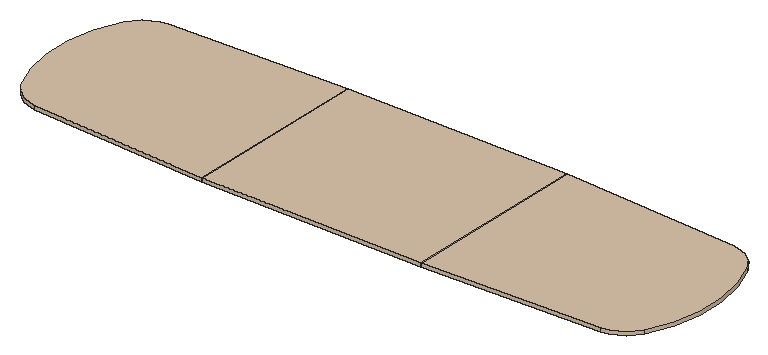
Revit family "Haworth_Planes_ColumnBaseConferenceTable_PebbleThreePiece_TopOnly", category Furniture Systems, Revit 2018 (continued)
Definition of nested family "Haworth_Planes_Worksurface_Pebble_3Piece_PART"
  Definition of nested family "Haworth_Planes_Worksurface_Pebble60_3Pieces_Part"
    Forms (in)
      Extrusion 19, solid, material <- "Table Finish", visible <- "204w"
        sketch origin (-730.56386, -275.02564, 0) x (1, 0, 0) y (0, 1, 0)
          loop
            line (696.72386, 319.86352) -> (696.72386, 260.18775) -> (764.40386, 260.18775) -> (764.40386, 319.86352) -> (696.72386, 319.86352)
        from 27.8125 to 29
      Extrusion 20, solid, material <- "Table Finish", visible <- "210w"
        sketch origin (-729.89554, -340.48352, 0) x (1, 0, 0) y (0, 1, 0)
          loop
            line (695.05554, 385.32156) -> (695.05554, 325.64548) -> (764.73554, 325.64548) -> (764.73554, 385.32156) -> (695.05554, 385.32156)
        from 27.8125 to 29
      Extrusion 21, solid, material <- "Table Finish", visible <- "216w"
        sketch origin (-727.89058, -405.94544, 0) x (1, 0, 0) y (0, 1, 0)
          loop
            line (692.05058, 450.78362) -> (692.05058, 391.10727) -> (763.73058, 391.10727) -> (763.73058, 450.78362) -> (692.05058, 450.78362)
        from 27.8125 to 29
      Extrusion 22, solid, material <- "Table Finish", visible <- "222w"
        sketch origin (-727.25581, -470.81755, 0) x (1, 0, 0) y (0, 1, 0)
          loop
            line (690.41581, 515.65584) -> (690.41581, 455.97925) -> (764.09581, 455.97925) -> (764.09581, 515.65584) -> (690.41581, 515.65584)
        from 27.8125 to 29
      Extrusion 23, solid, material <- "Table Finish", visible <- "228w"
        sketch origin (-725.92256, -535.60903, 0) x (1, 0, 0) y (0, 1, 0)
          loop
            line (688.08256, 580.44744) -> (688.08256, 520.77062) -> (763.76256, 520.77062) -> (763.76256, 580.44744) -> (688.08256, 580.44744)
        from 27.8125 to 29
      Extrusion 24, solid, material <- "Table Finish", visible <- "240w"
        sketch origin (-724.87283, -663.92772, 0) x (1, 0, 0) y (0, 1, 0)
          loop
            line (685.03283, 708.76632) -> (685.03283, 649.08912) -> (764.71283, 649.08912) -> (764.71283, 708.76632) -> (685.03283, 708.76632)
        from 27.8125 to 29
      Extrusion 25, solid, material <- "Table Finish", visible <- "246w"
        sketch origin (-724.87283, -726.76777, 0) x (1, 0, 0) y (0, 1, 0)
          loop
            line (684.03283, 771.60645) -> (684.03283, 711.92909) -> (765.71283, 711.92909) -> (765.71283, 771.60645) -> (684.03283, 771.60645)
        from 27.8125 to 29
      Extrusion 26, solid, material <- "Table Finish", visible <- "252w"
        sketch origin (-724.20394, -789.61244, 0) x (1, 0, 0) y (0, 1, 0)
          loop
            line (682.36394, 834.4512) -> (682.36394, 774.77369) -> (766.04394, 774.77369) -> (766.04394, 834.4512) -> (682.36394, 834.4512)
        from 27.8125 to 29
      Extrusion 27, solid, material <- "Table Finish", visible <- "258w"
        sketch origin (-724.20394, -852.45398, 0) x (1, 0, 0) y (0, 1, 0)
          loop
            line (681.36394, 897.2928) -> (681.36394, 837.61515) -> (767.04394, 837.61515) -> (767.04394, 897.2928) -> (681.36394, 897.2928)
        from 27.8125 to 29
      Extrusion 28, solid, material <- "Table Finish", visible <- "264w"
        sketch origin (-724.87196, -915.34799, 0) x (1, 0, 0) y (0, 1, 0)
          loop
            line (681.03196, 960.18688) -> (681.03196, 900.5091) -> (768.71196, 900.5091) -> (768.71196, 960.18688) -> (681.03196, 960.18688)
        from 27.8125 to 29
      Extrusion 29, solid, material <- "Table Finish", visible <- "270w"
        sketch origin (-724.20685, -978.94741, 0) x (1, 0, 0) y (0, 1, 0)
          loop
            line (679.36685, 1023.78636) -> (679.36685, 964.10847) -> (769.04685, 964.10847) -> (769.04685, 1023.78636) -> (679.36685, 1023.78636)
        from 27.8125 to 29
      Extrusion 30, solid, material <- "Table Finish", visible <- "234w"
        sketch origin (-724.70902, -598.95998, 0) x (1, 0, 0) y (0, 1, 0)
          loop
            line (685.86902, 643.79849) -> (685.86902, 584.12148) -> (763.54902, 584.12148) -> (763.54902, 643.79849) -> (685.86902, 643.79849)
        from 27.8125 to 29
    Lines and regions (in)
      Masking region 1, visible <- "186w"
        outline origin (-730.5556, -86.63524, 0) x (1, 0, 0) y (0, 1, 0)
          loop
            arc (652.76351, 74.29524) -> (675.45521, 72.42087) -> (698.2156, 71.79524) r 414.53084
            line (698.2156, 71.79524) -> (762.8956, 71.79524)
            arc (762.8956, 71.79524) -> (785.65598, 72.42087) -> (808.34768, 74.29524) r 414.53084
            arc (808.34768, 74.29524) -> (813.9231, 76.26118) -> (817.88323, 80.65067) r 12
            arc (817.88323, 80.65067) -> (823.0756, 101.63524) -> (817.88323, 122.61981) r 45
            arc (817.88323, 122.61981) -> (813.9231, 127.0093) -> (808.34768, 128.97524) r 12
            arc (808.34768, 128.97524) -> (785.65598, 130.84961) -> (762.8956, 131.47524) r 414.53084
            line (762.8956, 131.47524) -> (698.2156, 131.47524)
            arc (698.2156, 131.47524) -> (675.45521, 130.84961) -> (652.76351, 128.97524) r 414.53084
            arc (652.76351, 128.97524) -> (647.18809, 127.0093) -> (643.22796, 122.61981) r 12
            arc (643.22796, 122.61981) -> (638.0356, 101.63524) -> (643.22796, 80.65067) r 45
            arc (643.22796, 80.65067) -> (647.18809, 76.26118) -> (652.76351, 74.29524) r 12
      Masking region 2, visible <- "192w"
        outline origin (-729.89022, -148.78543, 0) x (1, 0, 0) y (0, 1, 0)
          loop
            arc (639.56259, 184.77) -> (634.37022, 163.78543) -> (639.56259, 142.80086) r 45
            arc (639.56259, 142.80086) -> (643.52271, 138.41137) -> (649.09813, 136.44543) r 12
            arc (649.09813, 136.44543) -> (672.79128, 134.57098) -> (696.55022, 133.94543) r 451.67365
            line (696.55022, 133.94543) -> (763.23022, 133.94543)
            arc (763.23022, 133.94543) -> (786.98916, 134.57098) -> (810.68231, 136.44543) r 451.67365
            arc (810.68231, 136.44543) -> (816.25773, 138.41137) -> (820.21786, 142.80086) r 12
            arc (820.21786, 142.80086) -> (825.41022, 163.78543) -> (820.21786, 184.77) r 45
            arc (820.21786, 184.77) -> (816.25773, 189.15949) -> (810.68231, 191.12543) r 12
            arc (810.68231, 191.12543) -> (786.98916, 192.99988) -> (763.23022, 193.62543) r 451.67365
            line (763.23022, 193.62543) -> (696.55022, 193.62543)
            arc (696.55022, 193.62543) -> (672.79128, 192.99988) -> (649.09813, 191.12543) r 451.67365
            arc (649.09813, 191.12543) -> (643.52271, 189.15949) -> (639.56259, 184.77) r 12
      Masking region 3, visible <- "198w"
        outline origin (-731.23218, -211.57156, 0) x (1, 0, 0) y (0, 1, 0)
          loop
            arc (637.90454, 247.55613) -> (632.71218, 226.57156) -> (637.90454, 205.587) r 45
            arc (637.90454, 205.587) -> (641.86467, 201.1975) -> (647.44009, 199.23156) r 12
            arc (647.44009, 199.23156) -> (672.13618, 197.35696) -> (696.89541, 196.73156) r 490.41566
            line (696.89541, 196.73156) -> (765.56895, 196.73156)
            arc (765.56895, 196.73156) -> (790.32818, 197.35696) -> (815.02427, 199.23156) r 490.41566
            arc (815.02427, 199.23156) -> (820.59969, 201.1975) -> (824.55982, 205.587) r 12
            arc (824.55982, 205.587) -> (829.75218, 226.57156) -> (824.55982, 247.55613) r 45
            arc (824.55982, 247.55613) -> (820.59969, 251.94562) -> (815.02427, 253.91156) r 12
            arc (815.02427, 253.91156) -> (790.32818, 255.78616) -> (765.56895, 256.41156) r 490.41566
            line (765.56895, 256.41156) -> (696.89541, 256.41156)
            arc (696.89541, 256.41156) -> (672.13618, 255.78616) -> (647.44009, 253.91156) r 490.41566
            arc (647.44009, 253.91156) -> (641.86467, 251.94562) -> (637.90454, 247.55613) r 12
      Masking region 4, visible <- "204w"
        outline origin (-730.56386, -275.02564, 0) x (1, 0, 0) y (0, 1, 0)
          loop
            arc (634.23622, 311.0102) -> (629.04386, 290.02564) -> (634.23622, 269.04107) r 45
            arc (634.23622, 269.04107) -> (638.19635, 264.65158) -> (643.77177, 262.68564) r 12
            arc (643.77177, 262.68564) -> (669.46852, 260.811) -> (695.22597, 260.18564) r 530.75685
            line (695.22597, 260.18564) -> (765.90175, 260.18564)
            arc (765.90175, 260.18564) -> (791.6592, 260.811) -> (817.35595, 262.68564) r 530.75685
            arc (817.35595, 262.68564) -> (822.93137, 264.65158) -> (826.8915, 269.04107) r 12
            arc (826.8915, 269.04107) -> (832.08386, 290.02564) -> (826.8915, 311.0102) r 45
            arc (826.8915, 311.0102) -> (822.93137, 315.3997) -> (817.35595, 317.36564) r 12
            arc (817.35595, 317.36564) -> (791.6592, 319.24027) -> (765.90175, 319.86564) r 530.75685
            line (765.90175, 319.86564) -> (695.22597, 319.86564)
            arc (695.22597, 319.86564) -> (669.46852, 319.24027) -> (643.77177, 317.36564) r 530.75685
            arc (643.77177, 317.36564) -> (638.19635, 315.3997) -> (634.23622, 311.0102) r 12
      Masking region 5, visible <- "210w"
        outline origin (-729.89554, -340.48352, 0) x (1, 0, 0) y (0, 1, 0)
          loop
            arc (630.5679, 376.46809) -> (625.37554, 355.48352) -> (630.5679, 334.49895) r 45
            arc (630.5679, 334.49895) -> (634.52803, 330.10946) -> (640.10345, 328.14352) r 12
            arc (640.10345, 328.14352) -> (666.8008, 326.26886) -> (693.55657, 325.64352) r 572.69723
            line (693.55657, 325.64352) -> (766.23451, 325.64352)
            arc (766.23451, 325.64352) -> (792.99028, 326.26886) -> (819.68763, 328.14352) r 572.69723
            arc (819.68763, 328.14352) -> (825.26305, 330.10946) -> (829.22318, 334.49895) r 12
            arc (829.22318, 334.49895) -> (834.41554, 355.48352) -> (829.22318, 376.46809) r 45
            arc (829.22318, 376.46809) -> (825.26305, 380.85758) -> (819.68763, 382.82352) r 12
            arc (819.68763, 382.82352) -> (792.99028, 384.69818) -> (766.23451, 385.32352) r 572.69723
            line (766.23451, 385.32352) -> (693.55657, 385.32352)
            arc (693.55657, 385.32352) -> (666.8008, 384.69818) -> (640.10345, 382.82352) r 572.69723
            arc (640.10345, 382.82352) -> (634.52803, 380.85758) -> (630.5679, 376.46809) r 12
      Masking region 6, visible <- "216w"
        outline origin (-727.89058, -405.94544, 0) x (1, 0, 0) y (0, 1, 0)
          loop
            arc (625.56294, 441.93001) -> (620.37058, 420.94544) -> (625.56294, 399.96088) r 45
            arc (625.56294, 399.96088) -> (629.52307, 395.57138) -> (635.09849, 393.60544) r 12
            arc (635.09849, 393.60544) -> (662.79637, 391.73076) -> (690.55058, 391.10544) r 616.2368
            line (690.55058, 391.10544) -> (765.23058, 391.10544)
            arc (765.23058, 391.10544) -> (792.98479, 391.73076) -> (820.68267, 393.60544) r 616.2368
            arc (820.68267, 393.60544) -> (826.25809, 395.57138) -> (830.21822, 399.96088) r 12
            arc (830.21822, 399.96088) -> (835.41058, 420.94544) -> (830.21822, 441.93001) r 45
            arc (830.21822, 441.93001) -> (826.25809, 446.3195) -> (820.68267, 448.28544) r 12
            arc (820.68267, 448.28544) -> (792.98479, 450.16013) -> (765.23058, 450.78544) r 616.2368
            line (765.23058, 450.78544) -> (690.55058, 450.78544)
            arc (690.55058, 450.78544) -> (662.79637, 450.16013) -> (635.09849, 448.28544) r 616.2368
            arc (635.09849, 448.28544) -> (629.52307, 446.3195) -> (625.56294, 441.93001) r 12
      Masking region 7, visible <- "222w"
        outline origin (-727.25581, -470.81755, 0) x (1, 0, 0) y (0, 1, 0)
          loop
            arc (621.92817, 506.80212) -> (616.73581, 485.81755) -> (621.92817, 464.83298) r 45
            arc (621.92817, 464.83298) -> (625.8883, 460.44349) -> (631.46372, 458.47755) r 12
            arc (631.46372, 458.47755) -> (660.16208, 456.60284) -> (688.91481, 455.97755) r 661.37555
            line (688.91481, 455.97755) -> (765.5968, 455.97755)
            arc (765.5968, 455.97755) -> (794.34953, 456.60284) -> (823.0479, 458.47755) r 661.37555
            arc (823.0479, 458.47755) -> (828.62332, 460.44349) -> (832.58344, 464.83298) r 12
            arc (832.58344, 464.83298) -> (837.77581, 485.81755) -> (832.58344, 506.80212) r 45
            arc (832.58344, 506.80212) -> (828.62332, 511.19161) -> (823.0479, 513.15755) r 12
            arc (823.0479, 513.15755) -> (794.34953, 515.03225) -> (765.5968, 515.65755) r 661.37555
            line (765.5968, 515.65755) -> (688.91481, 515.65755)
            arc (688.91481, 515.65755) -> (660.16208, 515.03225) -> (631.46372, 513.15755) r 661.37555
            arc (631.46372, 513.15755) -> (625.8883, 511.19161) -> (621.92817, 506.80212) r 12
      Masking region 8, visible <- "228w"
        outline origin (-725.92256, -535.60903, 0) x (1, 0, 0) y (0, 1, 0)
          loop
            arc (617.59492, 571.5936) -> (612.40256, 550.60903) -> (617.59492, 529.62446) r 45
            arc (617.59492, 529.62446) -> (621.55505, 525.23497) -> (627.13047, 523.26903) r 12
            arc (627.13047, 523.26903) -> (656.82926, 521.3943) -> (686.5806, 520.76903) r 708.1135
            line (686.5806, 520.76903) -> (765.26452, 520.76903)
            arc (765.26452, 520.76903) -> (795.01585, 521.3943) -> (824.71464, 523.26903) r 708.1135
            arc (824.71464, 523.26903) -> (830.29007, 525.23497) -> (834.25019, 529.62446) r 12
            arc (834.25019, 529.62446) -> (839.44256, 550.60903) -> (834.25019, 571.5936) r 45
            arc (834.25019, 571.5936) -> (830.29007, 575.98309) -> (824.71464, 577.94903) r 12
            arc (824.71464, 577.94903) -> (795.01585, 579.82375) -> (765.26452, 580.44903) r 708.1135
            line (765.26452, 580.44903) -> (686.5806, 580.44903)
            arc (686.5806, 580.44903) -> (656.82926, 579.82375) -> (627.13047, 577.94903) r 708.1135
            arc (627.13047, 577.94903) -> (621.55505, 575.98309) -> (617.59492, 571.5936) r 12
      Masking region 9, visible <- "234w"
        outline origin (-724.70902, -598.95998, 0) x (1, 0, 0) y (0, 1, 0)
          loop
            arc (613.38139, 634.94455) -> (608.18902, 613.95998) -> (613.38139, 592.97542) r 45
            arc (613.38139, 592.97542) -> (617.34151, 588.58592) -> (622.91694, 586.61998) r 12
            arc (622.91694, 586.61998) -> (653.61612, 584.74524) -> (684.36613, 584.11998) r 756.45063
            line (684.36613, 584.11998) -> (765.05192, 584.11998)
            arc (765.05192, 584.11998) -> (795.80193, 584.74524) -> (826.50111, 586.61998) r 756.45063
            arc (826.50111, 586.61998) -> (832.07653, 588.58592) -> (836.03666, 592.97542) r 12
            arc (836.03666, 592.97542) -> (841.22902, 613.95998) -> (836.03666, 634.94455) r 45
            arc (836.03666, 634.94455) -> (832.07653, 639.33404) -> (826.50111, 641.29998) r 12
            arc (826.50111, 641.29998) -> (795.80193, 643.17472) -> (765.05192, 643.79998) r 756.45063
            line (765.05192, 643.79998) -> (684.36613, 643.79998)
            arc (684.36613, 643.79998) -> (653.61612, 643.17472) -> (622.91694, 641.29998) r 756.45063
            arc (622.91694, 641.29998) -> (617.34151, 639.33404) -> (613.38139, 634.94455) r 12
      Masking region 10, visible <- "240w"
        outline origin (-724.87283, -663.92772, 0) x (1, 0, 0) y (0, 1, 0)
          loop
            arc (610.54519, 699.91229) -> (605.35283, 678.92772) -> (610.54519, 657.94315) r 45
            arc (610.54519, 657.94315) -> (614.50532, 653.55366) -> (620.08074, 651.58772) r 12
            arc (620.08074, 651.58772) -> (651.78027, 649.71296) -> (683.52903, 649.08772) r 806.38695
            line (683.52903, 649.08772) -> (766.21663, 649.08772)
            arc (766.21663, 649.08772) -> (797.96539, 649.71296) -> (829.66492, 651.58772) r 806.38695
            arc (829.66492, 651.58772) -> (835.24034, 653.55366) -> (839.20047, 657.94315) r 12
            arc (839.20047, 657.94315) -> (844.39283, 678.92772) -> (839.20047, 699.91229) r 45
            arc (839.20047, 699.91229) -> (835.24034, 704.30178) -> (829.66492, 706.26772) r 12
            arc (829.66492, 706.26772) -> (797.96539, 708.14248) -> (766.21663, 708.76772) r 806.38695
            line (766.21663, 708.76772) -> (683.52903, 708.76772)
            arc (683.52903, 708.76772) -> (651.78027, 708.14248) -> (620.08074, 706.26772) r 806.38695
            arc (620.08074, 706.26772) -> (614.50532, 704.30178) -> (610.54519, 699.91229) r 12
      Masking region 11, visible <- "246w"
        outline origin (-724.87283, -726.76777, 0) x (1, 0, 0) y (0, 1, 0)
          loop
            arc (607.54519, 762.75234) -> (602.35283, 741.76777) -> (607.54519, 720.7832) r 45
            arc (607.54519, 720.7832) -> (611.50532, 716.39371) -> (617.08074, 714.42777) r 12
            arc (617.08074, 714.42777) -> (649.78292, 712.55291) -> (682.53283, 711.92777) r 857.92246
            line (682.53283, 711.92777) -> (767.21283, 711.92777)
            arc (767.21283, 711.92777) -> (799.96274, 712.55291) -> (832.66492, 714.42777) r 857.92246
            arc (832.66492, 714.42777) -> (838.24034, 716.39371) -> (842.20047, 720.7832) r 12
            arc (842.20047, 720.7832) -> (847.39283, 741.76777) -> (842.20047, 762.75234) r 45
            arc (842.20047, 762.75234) -> (838.24034, 767.14183) -> (832.66492, 769.10777) r 12
            arc (832.66492, 769.10777) -> (799.96274, 770.98263) -> (767.21283, 771.60777) r 857.92246
            line (767.21283, 771.60777) -> (682.53283, 771.60777)
            arc (682.53283, 771.60777) -> (649.78292, 770.98263) -> (617.08074, 769.10777) r 857.92246
            arc (617.08074, 769.10777) -> (611.50532, 767.14183) -> (607.54519, 762.75234) r 12
      Masking region 12, visible <- "252w"
        outline origin (-724.20394, -789.61244, 0) x (1, 0, 0) y (0, 1, 0)
          loop
            arc (603.8763, 825.59701) -> (598.68394, 804.61244) -> (603.8763, 783.62787) r 45
            arc (603.8763, 783.62787) -> (607.83643, 779.23838) -> (613.41185, 777.27244) r 12
            arc (613.41185, 777.27244) -> (647.11473, 775.39755) -> (680.86394, 774.77244) r 911.05716
            line (680.86394, 774.77244) -> (767.54394, 774.77244)
            arc (767.54394, 774.77244) -> (801.29314, 775.39755) -> (834.99602, 777.27244) r 911.05716
            arc (834.99602, 777.27244) -> (840.57145, 779.23838) -> (844.53157, 783.62787) r 12
            arc (844.53157, 783.62787) -> (849.72394, 804.61244) -> (844.53157, 825.59701) r 45
            arc (844.53157, 825.59701) -> (840.57145, 829.9865) -> (834.99602, 831.95244) r 12
            arc (834.99602, 831.95244) -> (801.29314, 833.82733) -> (767.54394, 834.45244) r 911.05716
            line (767.54394, 834.45244) -> (680.86394, 834.45244)
            arc (680.86394, 834.45244) -> (647.11473, 833.82733) -> (613.41185, 831.95244) r 911.05716
            arc (613.41185, 831.95244) -> (607.83643, 829.9865) -> (603.8763, 825.59701) r 12
      Masking region 13, visible <- "258w"
        outline origin (-724.20394, -852.45398, 0) x (1, 0, 0) y (0, 1, 0)
          loop
            arc (600.8763, 888.43854) -> (595.68394, 867.45398) -> (600.8763, 846.46941) r 45
            arc (600.8763, 846.46941) -> (604.83643, 842.07992) -> (610.41185, 840.11398) r 12
            arc (610.41185, 840.11398) -> (645.1154, 838.23906) -> (679.86394, 837.61398) r 965.79104
            line (679.86394, 837.61398) -> (768.54394, 837.61398)
            arc (768.54394, 837.61398) -> (803.29247, 838.23906) -> (837.99602, 840.11398) r 965.79104
            arc (837.99602, 840.11398) -> (843.57145, 842.07992) -> (847.53157, 846.46941) r 12
            arc (847.53157, 846.46941) -> (852.72394, 867.45398) -> (847.53157, 888.43854) r 45
            arc (847.53157, 888.43854) -> (843.57145, 892.82803) -> (837.99602, 894.79398) r 12
            arc (837.99602, 894.79398) -> (803.29247, 896.66889) -> (768.54394, 897.29398) r 965.79104
            line (768.54394, 897.29398) -> (679.86394, 897.29398)
            arc (679.86394, 897.29398) -> (645.1154, 896.66889) -> (610.41185, 894.79398) r 965.79104
            arc (610.41185, 894.79398) -> (604.83643, 892.82803) -> (600.8763, 888.43854) r 12
      Masking region 14, visible <- "264w"
        outline origin (-724.87196, -915.34799, 0) x (1, 0, 0) y (0, 1, 0)
          loop
            arc (598.54432, 951.33256) -> (593.35196, 930.34799) -> (598.54432, 909.36343) r 45
            arc (598.54432, 909.36343) -> (602.50445, 904.97393) -> (608.07987, 903.00799) r 12
            arc (608.07987, 903.00799) -> (643.78405, 901.13306) -> (679.53196, 900.50799) r 1022.12412
            line (679.53196, 900.50799) -> (770.21196, 900.50799)
            arc (770.21196, 900.50799) -> (805.95987, 901.13306) -> (841.66405, 903.00799) r 1022.12412
            arc (841.66405, 903.00799) -> (847.23947, 904.97393) -> (851.1996, 909.36343) r 12
            arc (851.1996, 909.36343) -> (856.39196, 930.34799) -> (851.1996, 951.33256) r 45
            arc (851.1996, 951.33256) -> (847.23947, 955.72205) -> (841.66405, 957.68799) r 12
            arc (841.66405, 957.68799) -> (805.95987, 959.56293) -> (770.21196, 960.18799) r 1022.12412
            line (770.21196, 960.18799) -> (679.53196, 960.18799)
            arc (679.53196, 960.18799) -> (643.78405, 959.56293) -> (608.07987, 957.68799) r 1022.12412
            arc (608.07987, 957.68799) -> (602.50445, 955.72205) -> (598.54432, 951.33256) r 12
      Masking region 15, visible <- "270w"
        outline origin (-724.20685, -978.94741, 0) x (1, 0, 0) y (0, 1, 0)
          loop
            arc (594.87922, 1014.93198) -> (589.68685, 993.94741) -> (594.87922, 972.96285) r 45
            arc (594.87922, 972.96285) -> (598.83935, 968.57336) -> (604.41477, 966.60741) r 12
            arc (604.41477, 966.60741) -> (641.11954, 964.73246) -> (677.86685, 964.10741) r 1080.05638
            line (677.86685, 964.10741) -> (770.54685, 964.10741)
            arc (770.54685, 964.10741) -> (807.29417, 964.73246) -> (843.99894, 966.60741) r 1080.05638
            arc (843.99894, 966.60741) -> (849.57436, 968.57336) -> (853.53449, 972.96285) r 12
            arc (853.53449, 972.96285) -> (858.72685, 993.94741) -> (853.53449, 1014.93198) r 45
            arc (853.53449, 1014.93198) -> (849.57436, 1019.32147) -> (843.99894, 1021.28741) r 12
            arc (843.99894, 1021.28741) -> (807.29417, 1023.16237) -> (770.54685, 1023.78741) r 1080.05638
            line (770.54685, 1023.78741) -> (677.86685, 1023.78741)
            arc (677.86685, 1023.78741) -> (641.11954, 1023.16237) -> (604.41477, 1021.28741) r 1080.05638
            arc (604.41477, 1021.28741) -> (598.83935, 1019.32147) -> (594.87922, 1014.93198) r 12
      symbolic lines, visible <- "186w", detail levels medium+fine
        curve 1: line (-30.84, 44.83731, 0) -> (-30.84, -14.83731, 0)
        curve 2: line (30.84, -14.83731, 0) -> (30.84, 44.83731, 0)
      symbolic lines, visible <- "192w", detail levels medium+fine
        curve 3: line (31.84, -14.83752, 0) -> (31.84, 44.83752, 0)
        curve 4: line (-31.84, 44.83752, 0) -> (-31.84, -14.83752, 0)
      symbolic lines, visible <- "198w", detail levels medium+fine
        curve 5: line (-32.84, 44.83772, 0) -> (-32.84, -14.83772, 0)
        curve 6: line (32.84, -14.83772, 0) -> (32.84, 44.83772, 0)
      symbolic lines, visible <- "204w", detail levels medium+fine
        curve 7: line (33.84, -14.83789, 0) -> (33.84, 44.83789, 0)
        curve 8: line (-33.84, 44.83789, 0) -> (-33.84, -14.83789, 0)
      symbolic lines, visible <- "210w", detail levels medium+fine
        curve 9: line (-34.84, 44.83804, 0) -> (-34.84, -14.83804, 0)
        curve 10: line (34.84, -14.83804, 0) -> (34.84, 44.83804, 0)
      symbolic lines, visible <- "216w", detail levels medium+fine
        curve 11: line (35.84, -14.83817, 0) -> (35.84, 44.83817, 0)
        curve 12: line (-35.84, 44.83817, 0) -> (-35.84, -14.83817, 0)
      symbolic lines, visible <- "222w", detail levels medium+fine
        curve 13: line (-36.84, 44.8383, 0) -> (-36.84, -14.8383, 0)
        curve 14: line (36.84, -14.8383, 0) -> (36.84, 44.8383, 0)
      symbolic lines, visible <- "228w", detail levels medium+fine
        curve 15: line (37.84, -14.83841, 0) -> (37.84, 44.83841, 0)
        curve 16: line (-37.84, 44.83841, 0) -> (-37.84, -14.83841, 0)
      symbolic lines, visible <- "234w", detail levels medium+fine
        curve 17: line (-38.84, 44.83851, 0) -> (-38.84, -14.83851, 0)
        curve 18: line (38.84, -14.83851, 0) -> (38.84, 44.83851, 0)
      symbolic lines, visible <- "240w", detail levels medium+fine
        curve 19: line (39.84, -14.8386, 0) -> (39.84, 44.8386, 0)
        curve 20: line (-39.84, 44.8386, 0) -> (-39.84, -14.8386, 0)
      symbolic lines, visible <- "246w", detail levels medium+fine
        curve 21: line (-40.84, 44.83868, 0) -> (-40.84, -14.83868, 0)
        curve 22: line (40.84, -14.83868, 0) -> (40.84, 44.83868, 0)
      symbolic lines, visible <- "252w", detail levels medium+fine
        curve 23: line (41.84, -14.83876, 0) -> (41.84, 44.83876, 0)
        curve 24: line (-41.84, 44.83876, 0) -> (-41.84, -14.83876, 0)
      symbolic lines, visible <- "258w", detail levels medium+fine
        curve 25: line (-42.84, 44.83883, 0) -> (-42.84, -14.83883, 0)
        curve 26: line (42.84, -14.83883, 0) -> (42.84, 44.83883, 0)
      symbolic lines, visible <- "264w", detail levels medium+fine
        curve 27: line (43.84, -14.83889, 0) -> (43.84, 44.83889, 0)
        curve 28: line (-43.84, 44.83889, 0) -> (-43.84, -14.83889, 0)
      symbolic lines, visible <- "270w", detail levels medium+fine
        curve 29: line (-44.84, 44.83895, 0) -> (-44.84, -14.83895, 0)
        curve 30: line (44.84, -14.83895, 0) -> (44.84, 44.83895, 0)
    Dimensions and locks (in)
      "Thickness": plane 4 "Table Top" to plane 5 "Table Bottom"
      "Actual Height": plane 4 "Table Top" to level
      "Cutout Dimension": plane 6 "Cutout Top" to plane 7 "Cutout Bottom"
      plane 6 "Cutout Top" to plane 4 "Table Top" = 1"
      locked: plane 4 "Table Top" to plane 8 "KnifeEdge Middle" at 0.375
      aligned and locked: plane 4 "Table Top" to Extrusion 15
      aligned and locked: plane 4 "Table Top" to Extrusion 14
      aligned and locked: plane 4 "Table Top" to Extrusion 13
      aligned and locked: plane 4 "Table Top" to Extrusion 12
      aligned and locked: plane 4 "Table Top" to Extrusion 11
      aligned and locked: plane 4 "Table Top" to Extrusion 10
      aligned and locked: plane 4 "Table Top" to Extrusion 9
      aligned and locked: plane 4 "Table Top" to Extrusion 8
      aligned and locked: plane 4 "Table Top" to Extrusion 7
      aligned and locked: plane 4 "Table Top" to Extrusion 6
      aligned and locked: plane 4 "Table Top" to Extrusion 5
      aligned and locked: plane 4 "Table Top" to Extrusion 4
      aligned and locked: plane 4 "Table Top" to Extrusion 3
      aligned and locked: plane 4 "Table Top" to Extrusion 2
      aligned and locked: plane 4 "Table Top" to Extrusion 1
      aligned and locked: plane 4 "Table Top" to Extrusion 29
      aligned and locked: plane 4 "Table Top" to Extrusion 28
      aligned and locked: plane 4 "Table Top" to Extrusion 27
      aligned and locked: plane 4 "Table Top" to Extrusion 26
      aligned and locked: plane 4 "Table Top" to Extrusion 25
      aligned and locked: plane 4 "Table Top" to Extrusion 24
      aligned and locked: plane 4 "Table Top" to Extrusion 30
      aligned and locked: plane 4 "Table Top" to Extrusion 23
      aligned and locked: plane 4 "Table Top" to Extrusion 22
      aligned and locked: plane 4 "Table Top" to Extrusion 21
      aligned and locked: plane 4 "Table Top" to Extrusion 20
      aligned and locked: plane 4 "Table Top" to Extrusion 19
      aligned and locked: plane 4 "Table Top" to Extrusion 18
      aligned and locked: plane 4 "Table Top" to Extrusion 17
      aligned and locked: plane 4 "Table Top" to Extrusion 16
      aligned and locked: Extrusion 15 to plane 5 "Table Bottom"
      aligned and locked: Extrusion 14 to plane 5 "Table Bottom"
      aligned and locked: Extrusion 13 to plane 5 "Table Bottom"
      aligned and locked: Extrusion 12 to plane 5 "Table Bottom"
      aligned and locked: Extrusion 11 to plane 5 "Table Bottom"
      aligned and locked: Extrusion 10 to plane 5 "Table Bottom"
      aligned and locked: Extrusion 9 to plane 5 "Table Bottom"
      aligned and locked: Extrusion 8 to plane 5 "Table Bottom"
      aligned and locked: Extrusion 7 to plane 5 "Table Bottom"
      aligned and locked: Extrusion 6 to plane 5 "Table Bottom"
      aligned and locked: Extrusion 5 to plane 5 "Table Bottom"
      aligned and locked: Extrusion 4 to plane 5 "Table Bottom"
      aligned and locked: Extrusion 3 to plane 5 "Table Bottom"
      aligned and locked: Extrusion 2 to plane 5 "Table Bottom"
      aligned and locked: Extrusion 1 to plane 5 "Table Bottom"
      aligned and locked: Extrusion 29 to plane 5 "Table Bottom"
      aligned and locked: Extrusion 28 to plane 5 "Table Bottom"
      aligned and locked: Extrusion 27 to plane 5 "Table Bottom"
      aligned and locked: Extrusion 26 to plane 5 "Table Bottom"
      aligned and locked: Extrusion 25 to plane 5 "Table Bottom"
      aligned and locked: Extrusion 24 to plane 5 "Table Bottom"
      aligned and locked: Extrusion 30 to plane 5 "Table Bottom"
      aligned and locked: Extrusion 23 to plane 5 "Table Bottom"
      aligned and locked: Extrusion 22 to plane 5 "Table Bottom"
      aligned and locked: Extrusion 21 to plane 5 "Table Bottom"
      aligned and locked: Extrusion 20 to plane 5 "Table Bottom"
      aligned and locked: Extrusion 19 to plane 5 "Table Bottom"
      aligned and locked: Extrusion 18 to plane 5 "Table Bottom"
      aligned and locked: Extrusion 17 to plane 5 "Table Bottom"
      aligned and locked: Extrusion 16 to plane 5 "Table Bottom"
    Automatic sketch dimensions
      Extrusion 1 sketch curve to Extrusion 1 sketch curve = 0"  (x9)
      Extrusion 1 sketch curve to Extrusion 1 sketch curve = 29.19363"  (x2)
      Extrusion 1 sketch curve to Extrusion 1 sketch curve = 16.68"  (x2)
      Extrusion 1 sketch curve to Extrusion 1 sketch curve = 61.68"
      Extrusion 1 sketch curve to Extrusion 1 sketch curve = 64.66874"  (x2)
      plane 1 "Center F/B" to Extrusion 1 sketch curve = 29.83731"  (x2)
      Extrusion 1 sketch curve to Extrusion 1 sketch curve = 14.45121"  (x2)
      Extrusion 1 sketch curve to Extrusion 1 sketch curve = 15.3861"  (x2)
      Extrusion 1 sketch curve to Extrusion 1 sketch curve = 30.7722"  (x2)
      Extrusion 1 sketch curve to Extrusion 1 sketch curve = 29.83731"  (x2)
      Extrusion 1 sketch curve to Extrusion 1 sketch curve = 9.29286"
      Extrusion 1 sketch curve to plane 3 "Center L/R" = 76.71363"
      Extrusion 1 sketch curve to Extrusion 1 sketch curve = 1.49437"  (x2)
      plane 1 "Center F/B" to Extrusion 1 sketch curve = 384.69084"
      Extrusion 1 sketch curve to Extrusion 1 sketch curve = 354.85353"
      Extrusion 2 sketch curve to Extrusion 2 sketch curve = 0"  (x10)
      Extrusion 2 sketch curve to Extrusion 2 sketch curve = 29.19306"  (x2)
      Extrusion 2 sketch curve to Extrusion 2 sketch curve = 18.68"  (x2)
      Extrusion 2 sketch curve to Extrusion 2 sketch curve = 66.6712"  (x2)
      plane 1 "Center F/B" to Extrusion 2 sketch curve = 29.83752"
      Extrusion 2 sketch curve to Extrusion 2 sketch curve = 14.45035"  (x2)
      Extrusion 2 sketch curve to Extrusion 2 sketch curve = 15.38717"  (x2)
      Extrusion 2 sketch curve to Extrusion 2 sketch curve = 30.77435"  (x2)
      Extrusion 2 sketch curve to Extrusion 2 sketch curve = 29.83752"  (x2)
      Extrusion 2 sketch curve to Extrusion 2 sketch curve = 9.34988"
      Extrusion 2 sketch curve to plane 3 "Center L/R" = 79.71306"
      Extrusion 2 sketch curve to Extrusion 2 sketch curve = 1.4956"  (x2)
      Extrusion 2 sketch curve to Extrusion 2 sketch curve = 63.68"
      plane 1 "Center F/B" to Extrusion 2 sketch curve = 421.83365"
      Extrusion 2 sketch curve to Extrusion 2 sketch curve = 391.99613"
      Extrusion 3 sketch curve to Extrusion 3 sketch curve = 0"  (x10)
      Extrusion 3 sketch curve to Extrusion 3 sketch curve = 29.19268"  (x2)
      Extrusion 3 sketch curve to Extrusion 3 sketch curve = 20.68"  (x2)
      Extrusion 3 sketch curve to Extrusion 3 sketch curve = 65.68"
      plane 1 "Center F/B" to Extrusion 3 sketch curve = 29.83772"
      Extrusion 3 sketch curve to Extrusion 3 sketch curve = 14.44981"  (x2)
      Extrusion 3 sketch curve to Extrusion 3 sketch curve = 15.38791"  (x2)
      Extrusion 3 sketch curve to Extrusion 3 sketch curve = 30.77581"  (x2)
      Extrusion 3 sketch curve to Extrusion 3 sketch curve = 29.83772"  (x2)
      Extrusion 3 sketch curve to Extrusion 3 sketch curve = 9.40212"
      Extrusion 3 sketch curve to plane 3 "Center L/R" = 82.71268"
      Extrusion 3 sketch curve to Extrusion 3 sketch curve = 1.49677"  (x2)
      Extrusion 3 sketch curve to Extrusion 3 sketch curve = 68.67354"  (x2)
      plane 1 "Center F/B" to Extrusion 3 sketch curve = 460.57566"
      Extrusion 3 sketch curve to Extrusion 3 sketch curve = 430.73794"
      Extrusion 4 sketch curve to Extrusion 4 sketch curve = 0"  (x10)
      Extrusion 4 sketch curve to Extrusion 4 sketch curve = 29.19243"  (x2)
      Extrusion 4 sketch curve to Extrusion 4 sketch curve = 67.68"
      Extrusion 4 sketch curve to Extrusion 4 sketch curve = 22.68"  (x2)
      plane 1 "Center F/B" to Extrusion 4 sketch curve = 29.83789"
      Extrusion 4 sketch curve to Extrusion 4 sketch curve = 14.44952"  (x2)
      Extrusion 4 sketch curve to Extrusion 4 sketch curve = 15.38836"  (x2)
      Extrusion 4 sketch curve to Extrusion 4 sketch curve = 30.77673"  (x2)
      Extrusion 4 sketch curve to Extrusion 4 sketch curve = 29.83789"  (x2)
      Extrusion 4 sketch curve to Extrusion 4 sketch curve = 9.45016"
      Extrusion 4 sketch curve to plane 3 "Center L/R" = 85.71243"
      plane 1 "Center F/B" to Extrusion 4 sketch curve = 500.91685"
      Extrusion 4 sketch curve to Extrusion 4 sketch curve = 50.37454"
      Extrusion 4 sketch curve to Extrusion 4 sketch curve = 51.53982"
      Extrusion 4 sketch curve to Extrusion 4 sketch curve = 70 173/256"  (x2)
      Extrusion 4 sketch curve to Extrusion 4 sketch curve = 471.07896"
      Extrusion 5 sketch curve to Extrusion 5 sketch curve = 0"  (x9)
      Extrusion 5 sketch curve to Extrusion 5 sketch curve = 29.19231"  (x2)
      Extrusion 5 sketch curve to Extrusion 5 sketch curve = 24.68"  (x2)
      plane 1 "Center F/B" to Extrusion 5 sketch curve = 29.83804"
      Extrusion 5 sketch curve to Extrusion 5 sketch curve = 14.44943"  (x2)
      Extrusion 5 sketch curve to Extrusion 5 sketch curve = 15.38861"  (x2)
      Extrusion 5 sketch curve to Extrusion 5 sketch curve = 30.77722"  (x2)
      Extrusion 5 sketch curve to Extrusion 5 sketch curve = 29.83804"  (x2)
      Extrusion 5 sketch curve to Extrusion 5 sketch curve = 9.49449"  (x2)
      Extrusion 5 sketch curve to plane 3 "Center L/R" = 88.71231"
      plane 1 "Center F/B" to Extrusion 5 sketch curve = 542.85723"
      Extrusion 5 sketch curve to Extrusion 5 sketch curve = 1.49897"  (x2)
      Extrusion 5 sketch curve to Extrusion 5 sketch curve = 69.68"
      Extrusion 5 sketch curve to Extrusion 5 sketch curve = 72.67793"  (x2)
      Extrusion 5 sketch curve to Extrusion 5 sketch curve = 513.01919"
      Extrusion 6 sketch curve to Extrusion 6 sketch curve = 0"  (x9)
      Extrusion 6 sketch curve to Extrusion 6 sketch curve = 29.19227"  (x2)
      Extrusion 6 sketch curve to Extrusion 6 sketch curve = 71.68"
      Extrusion 6 sketch curve to Extrusion 6 sketch curve = 74.68"  (x2)
      Extrusion 6 sketch curve to Extrusion 6 sketch curve = 26.68"  (x2)
      plane 1 "Center F/B" to Extrusion 6 sketch curve = 29.83817"
      Extrusion 6 sketch curve to Extrusion 6 sketch curve = 14.44949"  (x2)
      Extrusion 6 sketch curve to Extrusion 6 sketch curve = 15.38868"  (x2)
      Extrusion 6 sketch curve to Extrusion 6 sketch curve = 30.77737"  (x2)
      Extrusion 6 sketch curve to Extrusion 6 sketch curve = 29.83817"  (x2)
      Extrusion 6 sketch curve to Extrusion 6 sketch curve = 9.53555"  (x2)
      Extrusion 6 sketch curve to plane 3 "Center L/R" = 91.71227"
      plane 1 "Center F/B" to Extrusion 6 sketch curve = 586.3968"
      Extrusion 6 sketch curve to Extrusion 6 sketch curve = 54.37227"
      Extrusion 6 sketch curve to Extrusion 6 sketch curve = 55.45209"
      Extrusion 6 sketch curve to Extrusion 6 sketch curve = 556.55862"
      Extrusion 7 sketch curve to Extrusion 7 sketch curve = 0"  (x9)
      Extrusion 7 sketch curve to Extrusion 7 sketch curve = 29.1923"  (x2)
      Extrusion 7 sketch curve to Extrusion 7 sketch curve = 76.68199"  (x2)
      Extrusion 7 sketch curve to Extrusion 7 sketch curve = 28.68"  (x2)
      plane 1 "Center F/B" to Extrusion 7 sketch curve = 29.8383"
      Extrusion 7 sketch curve to Extrusion 7 sketch curve = 14.44968"  (x2)
      Extrusion 7 sketch curve to Extrusion 7 sketch curve = 15.38862"  (x2)
      Extrusion 7 sketch curve to Extrusion 7 sketch curve = 30.77724"  (x2)
      Extrusion 7 sketch curve to Extrusion 7 sketch curve = 29.8383"  (x2)
      Extrusion 7 sketch curve to Extrusion 7 sketch curve = 9.57368"  (x2)
      Extrusion 7 sketch curve to plane 3 "Center L/R" = 94.7123"
      plane 1 "Center F/B" to Extrusion 7 sketch curve = 631.53555"
      Extrusion 7 sketch curve to Extrusion 7 sketch curve = 56.3713"
      Extrusion 7 sketch curve to Extrusion 7 sketch curve = 57.413"
      Extrusion 7 sketch curve to Extrusion 7 sketch curve = 73.68"
      Extrusion 7 sketch curve to Extrusion 7 sketch curve = 601.69726"
      Extrusion 8 sketch curve to Extrusion 8 sketch curve = 0"  (x10)
      Extrusion 8 sketch curve to Extrusion 8 sketch curve = 29.19239"  (x2)
      Extrusion 8 sketch curve to Extrusion 8 sketch curve = 78.68392"  (x2)
      Extrusion 8 sketch curve to Extrusion 8 sketch curve = 30.68"  (x2)
      plane 1 "Center F/B" to Extrusion 8 sketch curve = 29.83841"
      Extrusion 8 sketch curve to Extrusion 8 sketch curve = 14.44996"  (x2)
      Extrusion 8 sketch curve to Extrusion 8 sketch curve = 15.38845"  (x2)
      Extrusion 8 sketch curve to Extrusion 8 sketch curve = 30.7769"  (x2)
      Extrusion 8 sketch curve to Extrusion 8 sketch curve = 29.83841"  (x2)
      Extrusion 8 sketch curve to Extrusion 8 sketch curve = 9.60919"
      Extrusion 8 sketch curve to plane 3 "Center L/R" = 97.71239"
      plane 1 "Center F/B" to Extrusion 8 sketch curve = 678.2735"
      Extrusion 8 sketch curve to Extrusion 8 sketch curve = 58.37043"  (x2)
      Extrusion 8 sketch curve to Extrusion 8 sketch curve = 75.68"
      Extrusion 8 sketch curve to Extrusion 8 sketch curve = 648.43509"
      Extrusion 9 sketch curve to Extrusion 9 sketch curve = 0"  (x10)
      Extrusion 9 sketch curve to Extrusion 9 sketch curve = 29.19253"  (x2)
      Extrusion 9 sketch curve to Extrusion 9 sketch curve = 77.68"
      Extrusion 9 sketch curve to Extrusion 9 sketch curve = 80.68579"  (x2)
      Extrusion 9 sketch curve to Extrusion 9 sketch curve = 32.68"  (x2)
      plane 1 "Center F/B" to Extrusion 9 sketch curve = 29.83851"
      Extrusion 9 sketch curve to Extrusion 9 sketch curve = 14.45032"  (x2)
      Extrusion 9 sketch curve to Extrusion 9 sketch curve = 15.38819"  (x2)
      Extrusion 9 sketch curve to Extrusion 9 sketch curve = 30.77638"  (x2)
      Extrusion 9 sketch curve to Extrusion 9 sketch curve = 29.83851"  (x2)
      Extrusion 9 sketch curve to Extrusion 9 sketch curve = 9.64235"
      Extrusion 9 sketch curve to plane 3 "Center L/R" = 100.71253"
      plane 1 "Center F/B" to Extrusion 9 sketch curve = 726.61063"
      Extrusion 9 sketch curve to plane 3 "Center L/R" = 40.3429"  (x2)
      Extrusion 9 sketch curve to Extrusion 9 sketch curve = 696.77212"
      Extrusion 10 sketch curve to Extrusion 10 sketch curve = 0"  (x10)
      Extrusion 10 sketch curve to Extrusion 10 sketch curve = 29.1927"  (x2)
      Extrusion 10 sketch curve to Extrusion 10 sketch curve = 79.68"
      Extrusion 10 sketch curve to Extrusion 10 sketch curve = 82.68761"  (x2)
      Extrusion 10 sketch curve to Extrusion 10 sketch curve = 34.68"  (x2)
      plane 1 "Center F/B" to Extrusion 10 sketch curve = 29.8386"
      Extrusion 10 sketch curve to Extrusion 10 sketch curve = 14.45074"  (x2)
      Extrusion 10 sketch curve to Extrusion 10 sketch curve = 15.38786"  (x2)
      Extrusion 10 sketch curve to Extrusion 10 sketch curve = 30.77572"  (x2)
      Extrusion 10 sketch curve to Extrusion 10 sketch curve = 29.8386"  (x2)
      Extrusion 10 sketch curve to Extrusion 10 sketch curve = 9.67338"
      Extrusion 10 sketch curve to plane 3 "Center L/R" = 103.7127"
      plane 1 "Center F/B" to Extrusion 10 sketch curve = 776.54695"
      Extrusion 10 sketch curve to plane 3 "Center L/R" = 41.3438"  (x2)
      Extrusion 10 sketch curve to Extrusion 10 sketch curve = 746.70835"
      Extrusion 11 sketch curve to Extrusion 11 sketch curve = 0"  (x9)
      Extrusion 11 sketch curve to Extrusion 11 sketch curve = 29.1929"  (x2)
      Extrusion 11 sketch curve to Extrusion 11 sketch curve = 36.68"  (x2)
      Extrusion 11 sketch curve to Extrusion 11 sketch curve = 81.68"
      Extrusion 11 sketch curve to Extrusion 11 sketch curve = 84.68937"  (x2)
      plane 1 "Center F/B" to Extrusion 11 sketch curve = 29.83868"
      Extrusion 11 sketch curve to Extrusion 11 sketch curve = 14.4512"  (x2)
      Extrusion 11 sketch curve to Extrusion 11 sketch curve = 15.38748"  (x2)
      Extrusion 11 sketch curve to Extrusion 11 sketch curve = 30.77496"  (x2)
      Extrusion 11 sketch curve to Extrusion 11 sketch curve = 29.83868"  (x2)
      Extrusion 11 sketch curve to Extrusion 11 sketch curve = 9.70249"  (x2)
      Extrusion 11 sketch curve to plane 3 "Center L/R" = 106.7129"
      plane 1 "Center F/B" to Extrusion 11 sketch curve = 828.08246"
      Extrusion 11 sketch curve to plane 3 "Center L/R" = 42.34469"  (x2)
      Extrusion 11 sketch curve to Extrusion 11 sketch curve = 798.24378"
      Extrusion 12 sketch curve to Extrusion 12 sketch curve = 0"  (x10)
      Extrusion 12 sketch curve to Extrusion 12 sketch curve = 29.19312"  (x2)
      Extrusion 12 sketch curve to Extrusion 12 sketch curve = 38.68"  (x2)
      Extrusion 12 sketch curve to Extrusion 12 sketch curve = 83.68"
      Extrusion 12 sketch curve to Extrusion 12 sketch curve = 86.69109"  (x2)
      plane 1 "Center F/B" to Extrusion 12 sketch curve = 29.83876"
      Extrusion 12 sketch curve to Extrusion 12 sketch curve = 14.4517"  (x2)
      Extrusion 12 sketch curve to Extrusion 12 sketch curve = 15.38706"  (x2)
      Extrusion 12 sketch curve to Extrusion 12 sketch curve = 30.77411"  (x2)
      Extrusion 12 sketch curve to Extrusion 12 sketch curve = 29.83876"  (x2)
      Extrusion 12 sketch curve to Extrusion 12 sketch curve = 9.72985"
      Extrusion 12 sketch curve to plane 3 "Center L/R" = 109.71312"
      plane 1 "Center F/B" to Extrusion 12 sketch curve = 881.21716"
      Extrusion 12 sketch curve to plane 3 "Center L/R" = 43.34555"  (x2)
      Extrusion 12 sketch curve to Extrusion 12 sketch curve = 851.3784"
      Extrusion 13 sketch curve to Extrusion 13 sketch curve = 0"  (x8)
      Extrusion 13 sketch curve to Extrusion 13 sketch curve = 29.19336"  (x2)
      Extrusion 13 sketch curve to Extrusion 13 sketch curve = 85.68"
      Extrusion 13 sketch curve to Extrusion 13 sketch curve = 88.69277"  (x2)
      Extrusion 13 sketch curve to Extrusion 13 sketch curve = 40.68"  (x2)
      plane 1 "Center F/B" to Extrusion 13 sketch curve = 29.83883"
      Extrusion 13 sketch curve to Extrusion 13 sketch curve = 14.45223"  (x2)
      Extrusion 13 sketch curve to Extrusion 13 sketch curve = 15.3866"  (x2)
      Extrusion 13 sketch curve to Extrusion 13 sketch curve = 30.7732"  (x2)
      Extrusion 13 sketch curve to Extrusion 13 sketch curve = 29.83883"  (x2)
      Extrusion 13 sketch curve to Extrusion 13 sketch curve = 9.75562"  (x2)
      Extrusion 13 sketch curve to plane 3 "Center L/R" = 112.71336"
      plane 1 "Center F/B" to Extrusion 13 sketch curve = 935.95104"  (x2)
      Extrusion 13 sketch curve to plane 3 "Center L/R" = 44.34639"  (x2)
      Extrusion 13 sketch curve to Extrusion 13 sketch curve = 906.11222"
      Extrusion 14 sketch curve to Extrusion 14 sketch curve = 0"  (x9)
      Extrusion 14 sketch curve to Extrusion 14 sketch curve = 29.19362"  (x2)
      Extrusion 14 sketch curve to Extrusion 14 sketch curve = 87.68"
      Extrusion 14 sketch curve to Extrusion 14 sketch curve = 90.69442"  (x2)
      Extrusion 14 sketch curve to Extrusion 14 sketch curve = 42.68"  (x2)
      plane 1 "Center F/B" to Extrusion 14 sketch curve = 29.83889"
      Extrusion 14 sketch curve to Extrusion 14 sketch curve = 14.45277"  (x2)
      Extrusion 14 sketch curve to Extrusion 14 sketch curve = 15.38612"  (x2)
      Extrusion 14 sketch curve to Extrusion 14 sketch curve = 30.77223"  (x2)
      Extrusion 14 sketch curve to Extrusion 14 sketch curve = 29.83889"  (x2)
      Extrusion 14 sketch curve to Extrusion 14 sketch curve = 9.77993"
      Extrusion 14 sketch curve to plane 3 "Center L/R" = 115.71362"
      plane 1 "Center F/B" to Extrusion 14 sketch curve = 992.28412"  (x2)
      Extrusion 14 sketch curve to plane 3 "Center L/R" = 45.34721"  (x2)
      Extrusion 14 sketch curve to Extrusion 14 sketch curve = 962.44523"
      Extrusion 15 sketch curve to plane 3 "Center L/R" = 118.71388"
      Extrusion 15 sketch curve to Extrusion 15 sketch curve = 0"  (x10)
      Extrusion 15 sketch curve to Extrusion 15 sketch curve = 29.19388"  (x2)
      plane 1 "Center F/B" to Extrusion 15 sketch curve = 1050.21638"  (x2)
      Extrusion 15 sketch curve to plane 3 "Center L/R" = 46.34801"  (x2)
      Extrusion 15 sketch curve to Extrusion 15 sketch curve = 44.68"  (x2)
      Extrusion 15 sketch curve to Extrusion 15 sketch curve = 89.68"
      Extrusion 15 sketch curve to Extrusion 15 sketch curve = 92.69603"  (x2)
      plane 1 "Center F/B" to Extrusion 15 sketch curve = 29.83895"
      Extrusion 15 sketch curve to Extrusion 15 sketch curve = 14.45333"  (x2)
      Extrusion 15 sketch curve to Extrusion 15 sketch curve = 15.38562"  (x2)
      Extrusion 15 sketch curve to Extrusion 15 sketch curve = 30.77123"  (x2)
      Extrusion 15 sketch curve to Extrusion 15 sketch curve = 29.83895"  (x2)
      Extrusion 15 sketch curve to Extrusion 15 sketch curve = 1020.37743"
      plane 1 "Center F/B" to Extrusion 16 sketch curve = 29.83731"
      Extrusion 16 sketch curve to plane 3 "Center L/R" = 30.84"
      Extrusion 16 sketch curve to Extrusion 16 sketch curve = 61.68"
      Extrusion 16 sketch curve to Extrusion 16 sketch curve = 59.67461"
      plane 1 "Center F/B" to Extrusion 17 sketch curve = 29.83752"
      Extrusion 17 sketch curve to plane 3 "Center L/R" = 31.84"
      Extrusion 17 sketch curve to Extrusion 17 sketch curve = 63.68"
      Extrusion 17 sketch curve to Extrusion 17 sketch curve = 59.67505"
      plane 1 "Center F/B" to Extrusion 18 sketch curve = 29.83772"
      Extrusion 18 sketch curve to plane 3 "Center L/R" = 32.84"
      Extrusion 18 sketch curve to Extrusion 18 sketch curve = 65.68"
      Extrusion 18 sketch curve to Extrusion 18 sketch curve = 59.67543"
      plane 1 "Center F/B" to Extrusion 19 sketch curve = 29.83789"
      Extrusion 19 sketch curve to plane 3 "Center L/R" = 33.84"
      Extrusion 19 sketch curve to Extrusion 19 sketch curve = 67.68"
      Extrusion 19 sketch curve to Extrusion 19 sketch curve = 59 173/256"
      plane 1 "Center F/B" to Extrusion 20 sketch curve = 29.83804"
      Extrusion 20 sketch curve to plane 3 "Center L/R" = 34.84"
      Extrusion 20 sketch curve to Extrusion 20 sketch curve = 69.68"
      Extrusion 20 sketch curve to Extrusion 20 sketch curve = 59.67608"
      Extrusion 21 sketch curve to plane 3 "Center L/R" = 35.84"
      Extrusion 21 sketch curve to Extrusion 21 sketch curve = 71.68"
      plane 1 "Center F/B" to Extrusion 21 sketch curve = 29.83817"
      Extrusion 21 sketch curve to Extrusion 21 sketch curve = 59.67635"
      Extrusion 22 sketch curve to plane 3 "Center L/R" = 36.84"
      Extrusion 22 sketch curve to Extrusion 22 sketch curve = 73.68"
      plane 1 "Center F/B" to Extrusion 22 sketch curve = 29.8383"
      Extrusion 22 sketch curve to Extrusion 22 sketch curve = 59.67659"
      Extrusion 23 sketch curve to plane 3 "Center L/R" = 37.84"
      Extrusion 23 sketch curve to Extrusion 23 sketch curve = 75.68"
      plane 1 "Center F/B" to Extrusion 23 sketch curve = 29.83841"
      Extrusion 23 sketch curve to Extrusion 23 sketch curve = 59.67681"
      Extrusion 24 sketch curve to plane 3 "Center L/R" = 39.84"
      Extrusion 24 sketch curve to Extrusion 24 sketch curve = 79.68"
      plane 1 "Center F/B" to Extrusion 24 sketch curve = 29.8386"
      Extrusion 24 sketch curve to Extrusion 24 sketch curve = 59.6772"
      Extrusion 25 sketch curve to plane 3 "Center L/R" = 40.84"
      Extrusion 25 sketch curve to Extrusion 25 sketch curve = 81.68"
      plane 1 "Center F/B" to Extrusion 25 sketch curve = 29.83868"
      Extrusion 25 sketch curve to Extrusion 25 sketch curve = 59.67736"
      Extrusion 26 sketch curve to plane 3 "Center L/R" = 41.84"
      Extrusion 26 sketch curve to Extrusion 26 sketch curve = 83.68"
      plane 1 "Center F/B" to Extrusion 26 sketch curve = 29.83876"
      Extrusion 26 sketch curve to Extrusion 26 sketch curve = 59.67751"
      Extrusion 27 sketch curve to plane 3 "Center L/R" = 42.84"
      Extrusion 27 sketch curve to Extrusion 27 sketch curve = 85.68"
      plane 1 "Center F/B" to Extrusion 27 sketch curve = 29.83883"
      Extrusion 27 sketch curve to Extrusion 27 sketch curve = 59.67765"
      Extrusion 28 sketch curve to plane 3 "Center L/R" = 43.84"
      Extrusion 28 sketch curve to Extrusion 28 sketch curve = 87.68"
      plane 1 "Center F/B" to Extrusion 28 sketch curve = 29.83889"
      Extrusion 28 sketch curve to Extrusion 28 sketch curve = 59.67778"
      Extrusion 29 sketch curve to plane 3 "Center L/R" = 44.84"
      Extrusion 29 sketch curve to Extrusion 29 sketch curve = 89.68"
      plane 1 "Center F/B" to Extrusion 29 sketch curve = 29.83895"
      Extrusion 29 sketch curve to Extrusion 29 sketch curve = 59.67789"
      Extrusion 30 sketch curve to plane 3 "Center L/R" = 38.84"
      Extrusion 30 sketch curve to Extrusion 30 sketch curve = 77.68"
      plane 1 "Center F/B" to Extrusion 30 sketch curve = 29.83851"
      Extrusion 30 sketch curve to Extrusion 30 sketch curve = 59.67701"
      Masking region 1 sketch curve to plane 1 "Center F/B" = 15.38868"
      Masking region 1 sketch curve to plane 3 "Center L/R" = 76.71227"
      Masking region 1 sketch curve to Masking region 1 sketch curve = 0"  (x7)
      Masking region 1 sketch curve to Masking region 1 sketch curve = 29.19227"  (x2)
      Masking region 1 sketch curve to Masking region 1 sketch curve = 15.18"  (x3)
      Masking region 1 sketch curve to Masking region 1 sketch curve = 0.00563"  (x2)
      Masking region 1 sketch curve to Masking region 1 sketch curve = 64.66874"  (x2)
      Masking region 1 sketch curve to Masking region 1 sketch curve = 64.68"
      Masking region 1 sketch curve to Masking region 1 sketch curve = 15.38868"  (x2)
      Masking region 1 sketch curve to plane 1 "Center F/B" = 0"
      Masking region 1 sketch curve to Masking region 1 sketch curve = 30.77737"  (x2)
      Masking region 1 sketch curve to Masking region 1 sketch curve = 29.84"  (x2)
      plane 1 "Center F/B" to Masking region 1 sketch curve = 384.69084"
      Masking region 1 sketch curve to Masking region 1 sketch curve = 354.85084"
      Masking region 1 sketch curve to Masking region 1 sketch curve = 1.07982"  (x4)
      Masking region 2 sketch curve to plane 1 "Center F/B" = 15.38868"
      Masking region 2 sketch curve to plane 3 "Center L/R" = 79.71227"
      Masking region 2 sketch curve to Masking region 2 sketch curve = 0"  (x8)
      Masking region 2 sketch curve to Masking region 2 sketch curve = 29.19227"  (x2)
      Masking region 2 sketch curve to Masking region 2 sketch curve = 17.18"  (x3)
      Masking region 2 sketch curve to Masking region 2 sketch curve = 0.0044"  (x2)
      Masking region 2 sketch curve to Masking region 2 sketch curve = 66.6712"  (x2)
      Masking region 2 sketch curve to Masking region 2 sketch curve = 66.68"
      Masking region 2 sketch curve to Masking region 2 sketch curve = 15.38868"  (x2)
      Masking region 2 sketch curve to Masking region 2 sketch curve = 30.77737"  (x2)
      Masking region 2 sketch curve to Masking region 2 sketch curve = 29.84"  (x2)
      plane 1 "Center F/B" to Masking region 2 sketch curve = 421.83365"
      Masking region 2 sketch curve to Masking region 2 sketch curve = 391.99365"
      Masking region 2 sketch curve to Masking region 2 sketch curve = 1.07982"  (x4)
      Masking region 3 sketch curve to plane 1 "Center F/B" = 15.38868"
      Masking region 3 sketch curve to plane 3 "Center L/R" = 82.71227"
      Masking region 3 sketch curve to Masking region 3 sketch curve = 0"  (x10)
      Masking region 3 sketch curve to Masking region 3 sketch curve = 29.19227"  (x2)
      Masking region 3 sketch curve to Masking region 3 sketch curve = 19.18323"  (x3)
      Masking region 3 sketch curve to Masking region 3 sketch curve = 68.67354"  (x3)
      Masking region 3 sketch curve to Masking region 3 sketch curve = 15.38868"  (x2)
      Masking region 3 sketch curve to Masking region 3 sketch curve = 30.77737"  (x2)
      Masking region 3 sketch curve to Masking region 3 sketch curve = 29.84"  (x2)
      plane 1 "Center F/B" to Masking region 3 sketch curve = 460.57566"
      Masking region 3 sketch curve to Masking region 3 sketch curve = 430.73566"
      Masking region 3 sketch curve to Masking region 3 sketch curve = 1.07982"  (x4)
      Masking region 4 sketch curve to plane 1 "Center F/B" = 15.38868"
      Masking region 4 sketch curve to plane 3 "Center L/R" = 85.71227"
      Masking region 4 sketch curve to Masking region 4 sketch curve = 0"  (x9)
      Masking region 4 sketch curve to Masking region 4 sketch curve = 29.19227"  (x2)
      Masking region 4 sketch curve to Masking region 4 sketch curve = 21.18211"  (x3)
      plane 1 "Center F/B" to Masking region 4 sketch curve = 500.91685"
      Masking region 4 sketch curve to Masking region 4 sketch curve = 70 173/256"  (x3)
      Masking region 4 sketch curve to Masking region 4 sketch curve = 45.22868"
      Masking region 4 sketch curve to Masking region 4 sketch curve = 30.77737"  (x2)
      Masking region 4 sketch curve to Masking region 4 sketch curve = 14.45132"
      Masking region 4 sketch curve to Masking region 4 sketch curve = 15.38868"  (x2)
      Masking region 4 sketch curve to Masking region 4 sketch curve = 29.84"
      Masking region 4 sketch curve to Masking region 4 sketch curve = 471.07685"
      Masking region 4 sketch curve to Masking region 4 sketch curve = 1.07982"  (x4)
      Masking region 5 sketch curve to plane 3 "Center L/R" = 88.71227"
      Masking region 5 sketch curve to Masking region 5 sketch curve = 0"  (x9)
      Masking region 5 sketch curve to Masking region 5 sketch curve = 29.19227"  (x2)
      Masking region 5 sketch curve to Masking region 5 sketch curve = 23.18103"  (x3)
      plane 1 "Center F/B" to Masking region 5 sketch curve = 542.85723"
      Masking region 5 sketch curve to Masking region 5 sketch curve = 72.67793"  (x3)
      plane 1 "Center F/B" to Masking region 5 sketch curve = 29.84"
      Masking region 5 sketch curve to Masking region 5 sketch curve = 14.45132"  (x2)
      Masking region 5 sketch curve to Masking region 5 sketch curve = 15.38868"  (x2)
      Masking region 5 sketch curve to Masking region 5 sketch curve = 30.77737"  (x2)
      Masking region 5 sketch curve to Masking region 5 sketch curve = 29.84"
      Masking region 5 sketch curve to Masking region 5 sketch curve = 513.01723"
      Masking region 5 sketch curve to Masking region 5 sketch curve = 1.07982"  (x4)
      Masking region 6 sketch curve to plane 3 "Center L/R" = 91.71227"
      Masking region 6 sketch curve to Masking region 6 sketch curve = 0"  (x12)
      Masking region 6 sketch curve to Masking region 6 sketch curve = 29.19227"  (x2)
      Masking region 6 sketch curve to Masking region 6 sketch curve = 25.18"  (x2)
      plane 1 "Center F/B" to Masking region 6 sketch curve = 586.3968"
      Masking region 6 sketch curve to Masking region 6 sketch curve = 74.68"
      plane 1 "Center F/B" to Masking region 6 sketch curve = 29.84"
      Masking region 6 sketch curve to Masking region 6 sketch curve = 14.45132"  (x2)
      Masking region 6 sketch curve to Masking region 6 sketch curve = 15.38868"  (x2)
      Masking region 6 sketch curve to Masking region 6 sketch curve = 30.77737"  (x2)
      Masking region 6 sketch curve to Masking region 6 sketch curve = 29.84"
      Masking region 6 sketch curve to Masking region 6 sketch curve = 556.5568"
      Masking region 7 sketch curve to plane 3 "Center L/R" = 94.71227"
      Masking region 7 sketch curve to Masking region 7 sketch curve = 0"  (x7)
      Masking region 7 sketch curve to Masking region 7 sketch curve = 29.19227"  (x2)
      plane 1 "Center F/B" to Masking region 7 sketch curve = 631.53555"
      Masking region 7 sketch curve to Masking region 7 sketch curve = 56.37127"  (x2)
      Masking region 7 sketch curve to Masking region 7 sketch curve = 27.179"  (x3)
      Masking region 7 sketch curve to Masking region 7 sketch curve = 76.68199"  (x3)
      plane 1 "Center F/B" to Masking region 7 sketch curve = 29.84"
      Masking region 7 sketch curve to Masking region 7 sketch curve = 14.45132"  (x2)
      Masking region 7 sketch curve to Masking region 7 sketch curve = 15.38868"  (x2)
      Masking region 7 sketch curve to Masking region 7 sketch curve = 30.77737"  (x2)
      Masking region 7 sketch curve to Masking region 7 sketch curve = 29.84"
      Masking region 7 sketch curve to Masking region 7 sketch curve = 601.69555"
      Masking region 7 sketch curve to Masking region 7 sketch curve = 1.07982"  (x4)
      Masking region 8 sketch curve to plane 3 "Center L/R" = 97.71227"
      Masking region 8 sketch curve to Masking region 8 sketch curve = 0"  (x7)
      Masking region 8 sketch curve to Masking region 8 sketch curve = 29.19227"  (x2)
      plane 1 "Center F/B" to Masking region 8 sketch curve = 678.2735"
      Masking region 8 sketch curve to Masking region 8 sketch curve = 58.37031"  (x2)
      Masking region 8 sketch curve to Masking region 8 sketch curve = 29.17804"  (x3)
      Masking region 8 sketch curve to Masking region 8 sketch curve = 78.68392"  (x3)
      plane 1 "Center F/B" to Masking region 8 sketch curve = 29.84"
      Masking region 8 sketch curve to Masking region 8 sketch curve = 14.45132"  (x2)
      Masking region 8 sketch curve to Masking region 8 sketch curve = 15.38868"  (x2)
      Masking region 8 sketch curve to Masking region 8 sketch curve = 30.77737"  (x2)
      Masking region 8 sketch curve to Masking region 8 sketch curve = 29.84"
      Masking region 8 sketch curve to Masking region 8 sketch curve = 648.4335"
      Masking region 8 sketch curve to Masking region 8 sketch curve = 1.07982"  (x4)
      Masking region 9 sketch curve to plane 3 "Center L/R" = 100.71227"
      Masking region 9 sketch curve to Masking region 9 sketch curve = 0"  (x7)
      Masking region 9 sketch curve to Masking region 9 sketch curve = 29.19227"  (x2)
      plane 1 "Center F/B" to Masking region 9 sketch curve = 726.61063"
      Masking region 9 sketch curve to plane 3 "Center L/R" = 40.3429"  (x2)
      Masking region 9 sketch curve to Masking region 9 sketch curve = 31.1771"  (x3)
      Masking region 9 sketch curve to Masking region 9 sketch curve = 80.68579"  (x3)
      plane 1 "Center F/B" to Masking region 9 sketch curve = 29.84"
      Masking region 9 sketch curve to Masking region 9 sketch curve = 14.45132"  (x2)
      Masking region 9 sketch curve to Masking region 9 sketch curve = 15.38868"  (x2)
      Masking region 9 sketch curve to Masking region 9 sketch curve = 30.77737"  (x2)
      Masking region 9 sketch curve to Masking region 9 sketch curve = 29.84"
      Masking region 9 sketch curve to Masking region 9 sketch curve = 696.77063"
      Masking region 9 sketch curve to Masking region 9 sketch curve = 1.07982"  (x4)
      Masking region 10 sketch curve to plane 3 "Center L/R" = 103.71227"
      Masking region 10 sketch curve to Masking region 10 sketch curve = 0"  (x7)
      Masking region 10 sketch curve to Masking region 10 sketch curve = 29.19227"  (x2)
      plane 1 "Center F/B" to Masking region 10 sketch curve = 776.54695"
      Masking region 10 sketch curve to plane 3 "Center L/R" = 41.3438"  (x2)
      Masking region 10 sketch curve to Masking region 10 sketch curve = 33.1762"  (x3)
      Masking region 10 sketch curve to Masking region 10 sketch curve = 82.68761"  (x3)
      plane 1 "Center F/B" to Masking region 10 sketch curve = 29.84"
      Masking region 10 sketch curve to Masking region 10 sketch curve = 14.45132"  (x2)
      Masking region 10 sketch curve to Masking region 10 sketch curve = 15.38868"  (x2)
      Masking region 10 sketch curve to Masking region 10 sketch curve = 30.77737"  (x2)
      Masking region 10 sketch curve to Masking region 10 sketch curve = 29.84"
      Masking region 10 sketch curve to Masking region 10 sketch curve = 746.70695"
      Masking region 10 sketch curve to Masking region 10 sketch curve = 1.07982"  (x4)
      Masking region 11 sketch curve to plane 3 "Center L/R" = 106.71227"
      Masking region 11 sketch curve to Masking region 11 sketch curve = 0"  (x7)
      Masking region 11 sketch curve to Masking region 11 sketch curve = 29.19227"  (x2)
      plane 1 "Center F/B" to Masking region 11 sketch curve = 828.08246"
      Masking region 11 sketch curve to plane 3 "Center L/R" = 42.34469"  (x2)
      Masking region 11 sketch curve to Masking region 11 sketch curve = 35.18"  (x3)
      Masking region 11 sketch curve to Masking region 11 sketch curve = 84.68"
